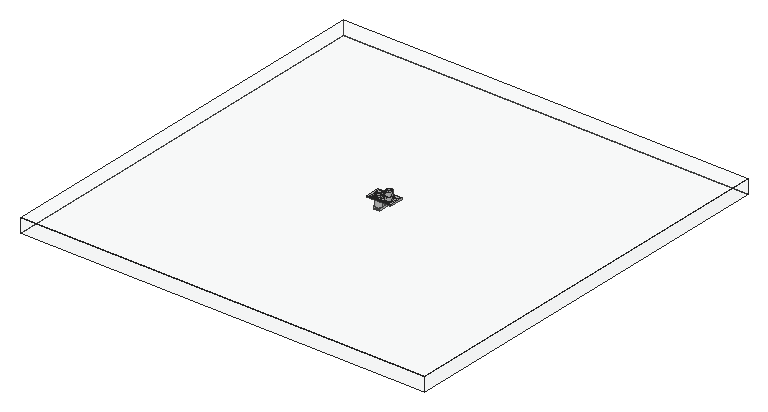
Revit family
Parameters (values of type "79")
  Weight Lbs = 3.4
  Waste Connection = no
  Wall Flange Width = 0' - 3 1/4"
  Wall Flange Length = 0' - 5 1/2"
  Vent Connection = no
  URL = "http://www.woodfordmfg.com/woodford/Wall_Hydrant_Pages/model-79.html"
  Polished Brass (PB) (Optional) = ""
  Outlet = "3/4\" Male Hose Thread"
  Model = "79"
  Max Temperature = "120º -F"
  Max Pressure = 125.00 psi
  Manufacturer = "Woodfrod Manufacturing Company"
  Inlet Angle [instance] = 90.00°
  Inlet - Rotates 360º = "3/4\" Female Pipe Thread"
  HW Connection = yes
  GPM = "13 @ 100 psi"
  Faucet Depth in Wall = 0' - 2 5/8"
  Double Check Backflow Preventor = "ASSE 1052"
  Default Elevation = 4' - 0"
  Chrome (Standard) = ""
  Catalog Sheet = "http://www.woodfordmfg.com/woodford/Wall_Hyd_PDF/79CATALOG.pdf"
  CW Connection = yes
  Brass (BR) (Optional) = ""
  Assembly Code = ""
  All Brass Castings = ""
Reference planes (in)
  plane 1 "Center (Front/Back)": y = 0
  plane 2: z = 0
  plane 3 "Center (Left/Right)": x = 0
  plane 4 "Hydrant": z = 0
  plane 5: x = -2.75
  plane 6: x = 2.75
  plane 7: y = 1.625
  plane 8: y = -1.625
  plane 9 "Top": z = 0.25
  plane 10: x = -2.375
  plane 11: x = 2.375
  plane 12: y = -1.25
  plane 13: y = 1.25
  plane 14 "Bottom Plate": z = -0.25
  plane 15: x = 1.875
  plane 16: x = -1.875
  plane 17: y = 0.5
  plane 18: y = -0.5
  plane 19: x = -1.1875
  plane 20 "Transition": z = -1.875
  plane 21 "Pipe Connection": x = 1.5
  plane 22 "Top Nut": z = 0.5
  plane 23 "Bottom": z = 0.625
  plane 24: z = 0.875
  plane 25: x = 1.125
  plane 26 "Top Connection": z = 0.96875
  plane 27: z = 1.21875
  plane 28: z = 1.9375
Forms (in)
  Extrusion 1, solid, material "Glass"
    sketch origin (0, 0, 0) x (1, 0, 0) y (0, 1, 0)
      loop
        line (-48, 48) -> (-48, -48) -> (48, -48) -> (48, 48) -> (-48, 48)
    from 0 to -3.41148
  Extrusion 2, solid, material "Chrome", detail levels fine
    sketch origin (0, 0, 0) x (-1, 0, 0) y (0, -1, 0)
      loop
        line (2.75, 1.625) -> (-2.75, 1.625) -> (-2.75, -1.625) -> (2.75, -1.625) -> (2.75, 1.625)
      loop
        line (2.375, -1.25) -> (2.375, 1.25) -> (-2.375, 1.25) -> (-2.375, -1.25) -> (2.375, -1.25)
    from 0 to 0.25
  Extrusion 3, solid, material "Chrome", detail levels fine
    sketch origin (0, 0, 0) x (-1, 0, 0) y (0, -1, 0)
      loop
        line (2.375, 1.25) -> (-2.375, 1.25) -> (-2.375, -1.25) -> (2.375, -1.25) -> (2.375, 1.25)
    from 0 to -0.25
  Extrusion 4, solid, material "Chrome", detail levels fine
    sketch origin (0, 0, -0.25) x (-1, 0, 0) y (0, -1, 0)
      loop
        line (1.875, -0.5) -> (1.875, 0.5) -> (-1.875, 0.5) -> (-1.875, -0.5) -> (1.875, -0.5)
    from 0 to -0.5
  Extrusion 5, solid, material "Chrome", detail levels fine
    sketch origin (0, 0, -0.25) x (-1, 0, 0) y (0, -1, 0)
      loop
        circle (1.1875, 0) r 0.875
    from 0 to -1.625
  Extrusion 6, solid, material "Chrome", detail levels fine
    sketch origin (-1.1875, 0, -1.875) x (0, 1, 0) y (0, 0, 1)
      loop
        line (-0.6875, 0) -> (-0.6875, -0.5) -> (-0.6875, -0.75) -> (2.6875, -0.75) -> (2.6875, 0.75) -> (2.0625, 0.75) -> (1.48515, -0.25) -> (0.6886, -0.25) -> (0.6886, 0) -> (-0.6875, 0)
    from 0.66667 to -0.66667
  Extrusion 7, solid, material "Chrome", detail levels fine
    sketch origin (0, 0, 0) x (-1, 0, 0) y (0, -1, 0)
      loop
        circle (1.1875, 0) r 0.875
    from 0 to 0.25
  Extrusion 8, solid, material "Chrome", detail levels fine
    sketch origin (0, 0, -0.25) x (-1, 0, 0) y (0, -1, 0)
      loop
        line (0.42973, -0.4375) -> (1.1875, -0.875) -> (1.94527, -0.4375) -> (1.94527, 0.4375) -> (1.1875, 0.875) -> (0.42973, 0.4375) -> (0.42973, -0.4375)
    from 0 to 0.75
  Extrusion 9, solid, material "Chrome", detail levels fine
    sketch origin (0, 0, 0.5) x (-1, 0, 0) y (0, -1, 0)
      loop
        circle (1.1875, 0) r 0.5
    from 0 to 0.125
  Extrusion 10, solid, material "Chrome", detail levels fine
    sketch origin (0, 0, 0.625) x (-1, 0, 0) y (0, -1, 0)
      loop
        line (1.1875, -0.66667) -> (1.76485, -0.33333) -> (1.76485, 0.33333) -> (1.1875, 0.66667) -> (0.61015, 0.33333) -> (0.61015, -0.33333) -> (1.1875, -0.66667)
    from 0 to 0.25
  Extrusion 11, solid, material "Chrome", detail levels fine
    sketch origin (-14.89889, -180, 0.875) x (-1, 0, 0) y (0, -1, 0)
      loop
        circle (-13.71139, -180) r 0.5
    from 0 to 0.125
  Extrusion 12, solid, material "Chrome", detail levels fine
    sketch origin (0, 0, 0) x (-1, 0, 0) y (0, -1, 0)
      loop
        circle (-1.125, 0) r 0.625
    from 0 to 0.25
  Extrusion 13, solid, material "Chrome", detail levels fine
    sketch origin (0, 0, 0.25) x (-1, 0, 0) y (0, -1, 0)
      loop
        circle (-1.125, 0) r 0.75
    from 0 to 0.71875
  Extrusion 14, solid, material "Chrome", detail levels fine
    sketch origin (-14.225, -180, 1.9375) x (-1, 0, 0) y (0, -1, 0)
      loop
        circle (-15.35, -180) r 0.5625
      loop
        circle (-15.35, -180) r 0.4375
    from 0 to 0.25
  Extrusion 15, solid, material "Chrome", detail levels fine
    sketch origin (-14.725, -180, 0.96875) x (-1, 0, 0) y (0, -1, 0)
      loop
        circle (-15.85, -180) r 0.625
    from 0 to 0.25
  Extrusion 16, solid, material "Chrome", detail levels fine
    sketch origin (-14.67392, -180, 1.21875) x (-1, 0, 0) y (0, -1, 0)
      loop
        circle (-15.79892, -180) r 0.75
    from 0 to 0.71875
  Sweep 17, void
    path origin (0, 0, -1.875) x (-1, 0, 0) y (0, -1, 0)
      loop
        line (1.1875, -2.6875) -> (1.1875, -2.1875)
    profile origin (-1.1875, 2.4375, -1.875) x (1, 0, 0) y (0, 0, 1)
      loop
        circle (0, 0) r 0.375
Cuts and joins
  Sweep 17 cuts Extrusion 6
Lines and regions (in)
  model lines, detail levels coarse+medium
    curve 1: line (0, 0, 0) -> (0, 0, 8.34241)
    curve 2: line (-2.68045, 0, 6.34241) -> (0, 0, 6.34241)
    curve 3: line (2.68045, 0, 6.34241) -> (0, 0, 6.34241)
  reference lines
    curve 4: line (-1.1875, 0, -1.875) -> (-1.1875, 18.5, -1.875)
Dimensions and locks (in)
  level to plane 4 "Hydrant" = 0' - 0"
  equal spacing: plane 5, plane 3 "Center (Left/Right)", plane 6
  equal spacing: plane 7, plane 1 "Center (Front/Back)", plane 8
  "Wall Flange Width": plane 7 to plane 8
  "Wall Flange Length": plane 5 to plane 6
  locked: plane 5 to plane 10 at 0.375
  locked: plane 11 to plane 6 at 0.375
  locked: plane 7 to plane 13 at 0.375
  locked: plane 12 to plane 8 at 0.375
  locked: plane 4 "Hydrant" to plane 14 "Bottom Plate" at 0.25
  plane 15 to plane 11 = 0' - 0 1/2"
  plane 10 to plane 16 = 0' - 0 1/2"
  plane 13 to plane 17 = 0' - 0 3/4"
  plane 18 to plane 12 = 0' - 0 3/4"
  plane 17 to plane 18 = 0' - 1"
  equal spacing: plane 10, plane 19, plane 3 "Center (Left/Right)"
  plane 19 to plane 25 = 0' - 2 5/16"
  locked: Sweep 17 sketch curve to Sweep 17 sketch curve at 0.5
  locked: Sweep 17 sketch curve to curve 4 at 2.1875
  "Inlet Angle": angle plane 1 "Center (Front/Back)" to curve 4
  aligned and locked: plane 2 to Extrusion 1
  aligned and locked: level to Extrusion 1
  aligned and locked: plane 5 to Extrusion 2
  aligned and locked: plane 6 to Extrusion 2
  aligned and locked: plane 7 to Extrusion 2
  aligned and locked: plane 8 to Extrusion 2
  aligned and locked: plane 9 "Top" to Extrusion 2
  aligned and locked: Extrusion 3 sketch curve to plane 10
  aligned and locked: plane 11 to Extrusion 3 sketch curve
  aligned and locked: plane 13 to Extrusion 3 sketch curve
  aligned and locked: Extrusion 3 sketch curve to plane 12
  aligned and locked: plane 14 "Bottom Plate" to Extrusion 3
  aligned and locked: plane 15 to Extrusion 4
  aligned and locked: plane 16 to Extrusion 4
  aligned and locked: plane 17 to Extrusion 4
  aligned and locked: plane 18 to Extrusion 4
  aligned: plane 21 "Pipe Connection" to Extrusion 6
  aligned and locked: plane 22 "Top Nut" to Extrusion 8
  aligned and locked: plane 23 "Bottom" to Extrusion 9
  aligned and locked: plane 24 to Extrusion 10
  aligned and locked: plane 9 "Top" to Extrusion 12
  aligned and locked: plane 26 "Top Connection" to Extrusion 13
  aligned and locked: plane 27 to Extrusion 15
  aligned and locked: plane 28 to Extrusion 16
  aligned and locked: Extrusion 5 to plane 20 "Transition"
  aligned and locked: Sweep 17 sketch curve to curve 4
  aligned and locked: plane 1 "Center (Front/Back)" to curve 4
  aligned and locked: plane 19 to curve 4
Automatic sketch dimensions
  Extrusion 1 sketch curve to Extrusion 1 sketch curve = 8' - 0"  (x2)
  Extrusion 2 sketch curve to plane 6 = 0' - 0"
  Extrusion 2 sketch curve to plane 11 = 0' - 0"
  Extrusion 2 sketch curve to plane 10 = 0' - 0"
  Extrusion 2 sketch curve to plane 5 = 0' - 0"
  Extrusion 2 sketch curve to plane 7 = 0' - 0"
  Extrusion 2 sketch curve to plane 13 = 0' - 0"
  Extrusion 2 sketch curve to plane 12 = 0' - 0"
  Extrusion 2 sketch curve to plane 8 = 0' - 0"
  Extrusion 4 sketch curve to plane 15 = 0' - 0"
  Extrusion 4 sketch curve to plane 16 = 0' - 0"
  Extrusion 4 sketch curve to plane 17 = 0' - 0"
  Extrusion 4 sketch curve to plane 18 = 0' - 0"
  plane 1 "Center (Front/Back)" to Extrusion 5 sketch curve = 0' - 0"
  Extrusion 5 sketch curve to plane 19 = 0' - 0"
  plane 1 "Center (Front/Back)" to Extrusion 7 sketch curve = 0' - 0"
  Extrusion 7 sketch curve to plane 19 = 0' - 0"
  Extrusion 8 sketch curve to plane 19 = 0' - 0"  (x2)
  Extrusion 8 sketch curve to plane 17 = 0' - 0 1/16"  (x2)
  Extrusion 8 sketch curve to plane 3 "Center (Left/Right)" = 0' - 0.42973"
  Extrusion 8 sketch curve to plane 16 = 0' - 0.07027"
  Extrusion 8 sketch curve to plane 13 = 0' - 0 3/8"
  plane 18 to Extrusion 8 sketch curve = 0' - 0 1/16"  (x2)
  plane 12 to Extrusion 8 sketch curve = 0' - 0 3/8"
  plane 1 "Center (Front/Back)" to Extrusion 9 sketch curve = 0' - 0"
  Extrusion 9 sketch curve to plane 19 = 0' - 0"
  Extrusion 10 sketch curve to plane 19 = 0' - 0"  (x2)
  plane 18 to Extrusion 10 sketch curve = 0' - 0.16667"  (x2)
  plane 19 to Extrusion 10 sketch curve = 0' - 0.57735"
  plane 16 to Extrusion 10 sketch curve = 0' - 0.11015"
  Extrusion 10 sketch curve to plane 17 = 0' - 0.16667"  (x2)
  plane 17 to Extrusion 10 sketch curve = 0' - 0.16667"
  Extrusion 10 sketch curve to plane 18 = 0' - 0.16667"
  plane 1 "Center (Front/Back)" to Extrusion 11 sketch curve = 0' - 0"
  Extrusion 11 sketch curve to plane 19 = 0' - 0"
  plane 1 "Center (Front/Back)" to Extrusion 12 sketch curve = 0' - 0"
  Extrusion 12 sketch curve to plane 25 = 0' - 0"
  plane 1 "Center (Front/Back)" to Extrusion 13 sketch curve = 0' - 0"
  Extrusion 13 sketch curve to plane 25 = 0' - 0"
  Extrusion 14 sketch curve to Extrusion 14 sketch curve = 0' - 0"  (x2)
  plane 1 "Center (Front/Back)" to Extrusion 14 sketch curve = 0' - 0"
  Extrusion 14 sketch curve to plane 25 = 0' - 0"
  curve 1 to plane 3 "Center (Left/Right)" = 0' - 0"
  curve 1 to level = 0' - 0"
  plane 5 to curve 2 = 0' - 0.06955"
  curve 3 to plane 6 = 0' - 0.06955"
  plane 28 to curve 2 = 0' - 4.40491"
  curve 3 to curve 2 = 0' - 0"
  curve 2 to curve 1 = 0' - 2"
  plane 1 "Center (Front/Back)" to Extrusion 15 sketch curve = 0' - 0"
  Extrusion 15 sketch curve to plane 25 = 0' - 0"
  plane 1 "Center (Front/Back)" to Extrusion 16 sketch curve = 0' - 0"
  Extrusion 16 sketch curve to plane 21 "Pipe Connection" = 0' - 0 3/8"
  Extrusion 6 sketch curve to curve 4 = 0' - 0"
  Extrusion 6 sketch curve to curve 4 = 0' - 0 11/16"
  curve 4 to Extrusion 6 sketch curve = 0' - 0.6886"
  curve 4 to Extrusion 6 sketch curve = 0' - 0 1/4"
  Extrusion 6 sketch curve to Extrusion 6 sketch curve = 0' - 0.79655"
  Extrusion 6 sketch curve to curve 4 = 0' - 0 3/4"
  Extrusion 6 sketch curve to Extrusion 6 sketch curve = 0' - 0.57735"
  Extrusion 6 sketch curve to Extrusion 6 sketch curve = 0' - 1.20235"
  curve 4 to Extrusion 6 sketch curve = 0' - 0 1/2"
  curve 4 to Extrusion 6 sketch curve = 0' - 0 3/4"
  Sweep 17 sketch curve to plane 20 "Transition" = 0' - 0"
  Sweep 17 sketch curve to profile plane = 0' - 0"
  radius of Extrusion 5 sketch curve = 0' - 0 7/8"
  radius of Extrusion 7 sketch curve = 0' - 0 7/8"
  radius of Extrusion 9 sketch curve = 0' - 0 1/2"
  radius of Extrusion 11 sketch curve = 0' - 0 1/2"
  radius of Extrusion 12 sketch curve = 0' - 0 5/8"
  radius of Extrusion 13 sketch curve = 0' - 0 3/4"
  radius of Extrusion 14 sketch curve = 0' - 0 9/16"
  radius of Extrusion 14 sketch curve = 0' - 0 7/16"
  radius of Extrusion 15 sketch curve = 0' - 0 5/8"
  radius of Extrusion 16 sketch curve = 0' - 0 3/4"
  radius of Sweep 17 sketch curve = 0' - 0 3/8"
Connectors (in)
  piping at (-1.1875, 2.1875, -1.875)
    settings: on cut or joined group of Extrusion 6, Sweep 17, index 1, connector radius 3/8", flow factor 0, pipe flow 0 GPM, pressure drop 0.00 psi, fitting loss kfactor 0, connector angle 0.00°, fixture units 0, flow configuration 1, flow direction 1, fitting loss method 0, system type 20, connector reference index -1, connector utility 0, adjustable connector no, is connector primary yes, fitting loss table "", connector description ""
